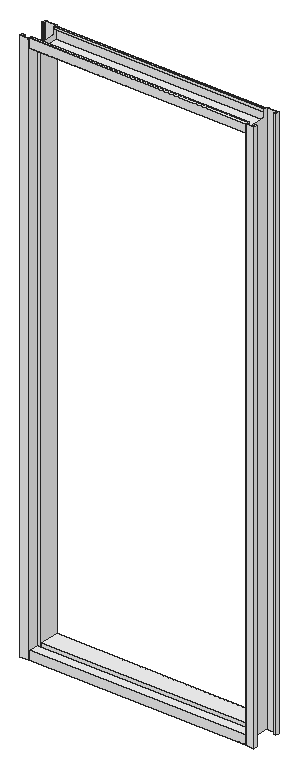
Revit family "32_Berkvens_Avento RZ 201", category Doors, host Wall, Revit 2019
Family settings
  Host = Wall
  OmniClass Number = 23.30.10.00
  OmniClass Title = Doors
  Always vertical = Yes
  Cut with Voids When Loaded = No
  Shared = No
  Room Calculation Point = No
Parameters (values of type "1000X2315")
  X2 [instance] = [60_59 Afwerkvloerdikte] + 10 mm  # 10 mm
  X1 [instance] = Glas
  Versie = "1.0"  # constant formula
  URL = "www.berkvens.nl"
  SmokeStop = no
  SelfClosing = no
  S2 [instance] = if([60_43 Extra tussenstijl], 0 mm, 1000 mm)  # 1000 mm
  S1 [instance] = 400 mm  # constant formula
  Model = "Avento RZ"  # constant formula
  Manufacturer = "Berkvens"  # constant formula
  M6 = Berkvens_gebroken wit
  M5 = Berkvens_kristalwit
  M4 = Berkvens_reinwit
  M3 = Berkvens_reinwit
  M2 = Berkvens_kristalwit
  M1 = Berkvens <maak keuze>
  IsExternal = no
  Function = Interior
  Height = 0 mm
  Wall Closure = By host
  Width = 0 mm
  FireRating = ""
  FireExit = no
  Compartmentation = no
  Assembly Code = "32.31"
  Analytic Construction = "<None>"
  90_90 Sparingsnummer [instance] = ""
  80_75 Deurhoogte = 2315 mm
  80_60 Kantuitvoering = "stomp"  # constant formula
  80_54 Brandwerendheid [instance] = Brandwerendheid : niet brandwerend
  80_53 Geluidwerendheid [instance] = Geluidwerendheid : niet geluidwerend
  60_84 Type kozijn = "Avento stalen montagekozijn 1,5 mm"  # constant formula
  60_81 Uitvoering kozijn = "Glaspui zonder bovenlicht"  # constant formula
  60_78 Snoerprofiel [instance] = Snoerprofiel : zonder snoerprofiel
  60_72 Kozijnkleur [instance] = Berkvens <maak keuze>
  60_69 Wanddikte [instance] = 100 mm
  60_66 Ruimte onder de deur [instance] = 22 mm
  60_63 Vloerplafondhoogte = 0 mm
  60_61 Max deurhoogte igv verdiepingshoog [instance] = [60_63 Vloerplafondhoogte] - [60_66 Ruimte onder de deur] - 59 mm  # -81 mm
  60_60 Stijllengte [instance] = [80_75 Deurhoogte] + [60_66 Ruimte onder de deur] + 39 mm  # 2376 mm
  60_59 Afwerkvloerdikte [instance] = 0 mm
  60_51 Sparingsmaat = [60_48 Totale breedte] - 30 mm  # 970 mm
  60_48 Totale breedte = 1000 mm
  60_45 Model kozijn = "RZ glaspui"  # constant formula
  60_43 Extra tussenstijl [instance] = no
  60_42 Extra tussenkalf [instance] = no
  60_24 Opmerking kozijn [instance] = ""
Types (3, lengths in mm): name | SmokeStop | SelfClosing | S2 | IsExternal | FireExit | Compartmentation | Assembly Code | 60_78 Snoerprofiel | 60_66 Ruimte onder de deur | 60_63 Vloerplafondhoogte | 60_61 Max deurhoogte igv verdiepingshoog | 60_60 Stijllengte | 60_51 Sparingsmaat | 60_48 Totale breedte | 60_43 Extra tussenstijl | 60_42 Extra tussenkalf
  1000X2315 | no | no | 1000 | no | no | no | "32.31" | Snoerprofiel : zonder snoerprofiel | 22 | 0 | -81 | 2376 | 970 | 1000 | no | no
  880x2315 | yes | yes | 0 | yes | yes | yes | 0 | Geluidwerendheid : niet geluidwerend | 28 | 2650 | 2563 | 2382 | 925 | 955 | yes | yes
  730x2315 | yes | yes | 0 | yes | yes | yes | 0 | Geluidwerendheid : niet geluidwerend | 28 | 2650 | 2563 | 2382 | 925 | 955 | yes | yes
Reference planes
  plane 1: y = 0
  plane 2 "Center (Left/Right)": x = 0
  plane 3 "Left": x = -485
  plane 4 "Right": x = 485
  plane 5 "BK Sparing": z = 2361
  plane 6 "Exterior": y = 50
  plane 7 "Interior": y = -50
  plane 8 "ROD": z = 22
  plane 9 "BK deur": z = 2337
  plane 10 "BK Kozijn": z = 2376
  plane 11 "Krukgathoogte": z = 1072
  plane 12: z = 1168.5
  plane 13 "Hartlijn paneel": y = -23.875
  plane 14 "OK sparing afwerkvloer": z = 0
  plane 15: z = 0
  plane 16: z = 10
  plane 17: z = 2087
  plane 18: z = 1847
  plane 19: z = 272
  plane 20: x = -470.5
  plane 21: z = 550
  plane 22: y = -1100
  plane 23: y = -35
Forms (mm)
  Extrusion 1, void
    sketch origin (0, -50, 0) x (1, 0, 0) y (0, 0, 1)
      loop
        line (485, 2361) -> (-485, 2361) -> (-485, 0) -> (485, 0) -> (485, 2361)
    from 0 to -100
  Sweep 2, solid, material "Berkvens <maak keuze>" <- "60_72 Kozijnkleur"
    path origin (0, -50, 0) x (-1, 0, 0) y (0, 0, -1)
      loop
        line (-485, 0) -> (-485, -2376)
    profile origin (485, -50, 1188) x (-1, 0, 0) y (0, -1, 0)
      loop
        line (-15, 0) -> (-6, 0) -> (-6, 0.8) -> (-14.2, 0.8) -> (-14.2, 14.2) -> (20.7, 14.2) -> (20.7, -30.8) -> (35.7, -30.8) -> (35.7, -114.2) -> (-14.2, -114.2) -> (-14.2, -100.8) -> (-6, -100.8) -> (-6, -100) -> (-15, -100) -> (-15, -115) -> (36.5, -115) -> (36.5, -30) -> (21.5, -30) -> (21.5, 15) -> (-15, 15) -> (-15, 0)
  Sweep 3, void
    path origin (0, -50, 0) x (1, 0, 0) y (0, 0, 1)
      loop
        line (485, 0) -> (485, 2376)
    profile origin (485, -50, 1188) x (-1, 0, 0) y (0, -1, 0)
      loop
        line (0, -115) -> (36.5, -115) -> (36.5, -30) -> (21.5, -30) -> (21.5, 15) -> (0, 15) -> (0, -115)
  Sweep 4, void
    path origin (0, -50, 0) x (-1, 0, 0) y (0, 0, -1)
      loop
        line (485, -22) -> (485, -2376)
    profile origin (-485, -50, 1199) x (-1, 0, 0) y (0, -1, 0)
      loop
        line (0, -115) -> (0, 15) -> (-21.5, 15) -> (-21.5, -30) -> (-36.5, -30) -> (-36.5, -115) -> (0, -115)
  Sweep 5, void
    path origin (0, -50, 0) x (1, 0, 0) y (0, 0, 1)
      loop
        line (-485, 0) -> (-485, 2376)
    profile origin (-485, -50, 1188) x (-1, 0, 0) y (0, -1, 0)
      loop
        line (-36.5, -115) -> (0, -115) -> (0, 15) -> (-21.5, 15) -> (-21.5, -30) -> (-36.5, -30) -> (-36.5, -115)
  Sweep 6, solid, material "Berkvens <maak keuze>" <- "60_72 Kozijnkleur", visible <- "60_43 Extra tussenstijl"
    path origin (0, -50, 0) x (1, 0, 0) y (0, 0, 1)
      loop
        line (0, 2376) -> (0, 0)
    profile origin (0, -50, 1188) x (0, -1, 0) y (1, 0, 0)
      loop
        line (-115, 33.25) -> (-115, -33.25) -> (-30, -33.25) -> (-30, -18.25) -> (15, -18.25) -> (15, 18.25) -> (-30, 18.25) -> (-30, 33.25) -> (-115, 33.25)
      loop
        line (-114.2, 32.45) -> (-114.2, -32.45) -> (-30.8, -32.45) -> (-30.8, -17.45) -> (14.2, -17.45) -> (14.2, 17.45) -> (-30.8, 17.45) -> (-30.8, 32.45) -> (-114.2, 32.45)
  Sweep 7, void
    path origin (-563.478, -35, 1200) x (-1, 0, 0) y (0, 0, 1)
      loop
        line (-563.478, 1176) -> (-563.478, -1200)
    profile "Tussenstijl sparing : Tussenstijl sparing" origin (0, -35, 1188) x (-1, 0, 0) y (0, 1, 0)
      loop
        line (33.25, 1415) -> (-33.25, 1415) -> (-33.25, 1015) -> (-18.25, 1015) -> (-18.25, 970) -> (18.25, 970) -> (18.25, 1015) -> (33.25, 1015) -> (33.25, 1415)
  Sweep 8, solid, material "Berkvens <maak keuze>" <- "60_72 Kozijnkleur", visible <- "60_42 Extra tussenkalf"
    path origin (0, -50, 0) x (1, 0, 0) y (0, 0, 1)
      loop
        line (-485, 550) -> (485, 550)
    profile "Tussenkalf Profiel Avento : Tussenkalf Profiel Avento" origin (0, -50, 550) x (0, 0, 1) y (0, -1, 0)
      loop
        line (-35, 10.5) -> (-35, 5.6) -> (-24, 5.6) -> (-24, -12.4) -> (-33.5, -12.4) -> (-33.5, -20.9) -> (-24, -20.9) -> (-24, -32.4) -> (-33.5, -32.4) -> (-33.5, -66.4) -> (-35, -66.4) -> (-35, -73) -> (13.5, -73) -> (13.5, -32.5) -> (-1.5, -32.5) -> (-1.5, 10.5) -> (-35, 10.5)
      loop
        line (0, 12) -> (-36.5, 12) -> (-36.5, 0) -> (-35, 0) -> (-35, 4.1) -> (-25.5, 4.1) -> (-25.5, -10.9) -> (-35, -10.9) -> (-35, -22.4) -> (-25.5, -22.4) -> (-25.5, -30.9) -> (-35, -30.9) -> (-35, -62.5) -> (-36.5, -62.5) -> (-36.5, -74.5) -> (15, -74.5) -> (15, -31) -> (0, -31) -> (0, 12)
  Sweep 9, solid, material "Berkvens <maak keuze>" <- "60_72 Kozijnkleur"
    path origin (0, -50, 0) x (1, 0, 0) y (0, 0, 1)
      loop
        line (-485, 0) -> (-485, 2376)
    profile origin (-485, -50, 1188) x (-1, 0, 0) y (0, -1, 0)
      loop
        line (15, 0) -> (15, 15) -> (-21.5, 15) -> (-21.5, -30) -> (-36.5, -30) -> (-36.5, -115) -> (15, -115) -> (15, -100) -> (6, -100) -> (6, -100.8) -> (14.2, -100.8) -> (14.2, -114.2) -> (-35.7, -114.2) -> (-35.7, -30.8) -> (-20.7, -30.8) -> (-20.7, 14.2) -> (14.2, 14.2) -> (14.2, 0.8) -> (6, 0.8) -> (6, 0) -> (15, 0)
  Sweep 10, solid, material "Berkvens <maak keuze>" <- "60_72 Kozijnkleur"
    path origin (0, -50, 0) x (1, 0, 0) y (0, 0, 1)
      loop
        line (-485, 0) -> (485, 0)
    profile origin (0, -50, 0) x (0, 0, 1) y (0, -1, 0)
      loop
        line (0, -112.2) -> (51.5, -112.2) -> (51.5, -30) -> (36.5, -30) -> (36.5, 12) -> (0, 12) -> (0, 0) -> (9, 0) -> (9, 0.8) -> (0.8, 0.8) -> (0.8, 11.2) -> (35.672, 11.2) -> (35.672, -30.8) -> (50.7, -30.8) -> (50.7, -111.4) -> (0.8, -111.4) -> (0.8, -100.8) -> (9, -100.8) -> (9, -100) -> (0, -100) -> (0, -112.2)
  Sweep 11, solid, material "Berkvens <maak keuze>" <- "60_72 Kozijnkleur"
    path origin (0, -50, 0) x (1, 0, 0) y (0, 0, 1)
      loop
        line (-485, 2376) -> (485, 2376)
    profile origin (0, -50, 2376) x (0, 0, 1) y (0, -1, 0)
      loop
        line (0, -112.2) -> (0, -100) -> (-9, -100) -> (-9, -100.8) -> (-0.8, -100.8) -> (-0.8, -111.4) -> (-50.7, -111.4) -> (-50.7, -30.8) -> (-35.672, -30.8) -> (-35.672, 11.2) -> (-0.8, 11.2) -> (-0.8, 0.8) -> (-9, 0.8) -> (-9, 0) -> (0, 0) -> (0, 12) -> (-36.5, 12) -> (-36.5, -30) -> (-51.5, -30) -> (-51.5, -112.2) -> (0, -112.2)
  Sweep 12, void
    path origin (0, -50, 0) x (1, 0, 0) y (0, 0, 1)
      loop
        line (-485, 2376) -> (485, 2376)
    profile origin (0, -50, 2376) x (0, 0, 1) y (0, -1, 0)
      loop
        line (0, -100) -> (0, 0) -> (-32, 0) -> (-32, -100) -> (0, -100)
Cuts and joins
  Sweep 4, Sweep 12 cuts Sweep 2
  Sweep 3, Sweep 5, Sweep 7 cuts Sweep 8
  Sweep 3, Sweep 5, Sweep 7 cuts Sweep 10
  Sweep 3, Sweep 4, Sweep 7 cuts Sweep 11
  Sweep 12 cuts Sweep 9
  Sweep 12 cuts Sweep 6
Text (mm)
  text "Buitenzijde" at (-2295.016, 1099.543, 0), in view "Ref. Level"
  text "Buitenzijde" at (0, 1615.38, 3698.081), in view "Links"
  text "Buitenzijde" at (0, 1036.032, 3874.932), in view "Rechts"
Dimensions and locks
  equal spacing: plane 3 "Left", plane 2 "Center (Left/Right)", plane 4 "Right"
  "60_51 Sparingsmaat": plane 3 "Left" to plane 4 "Right"
  locked: plane 6 "Exterior" to host wall at 0
  locked: plane 7 "Interior" to host wall
  "60_69 Wanddikte": plane 7 "Interior" to plane 6 "Exterior"
  Sweep 2 sketch curve to Sweep 2 sketch curve to Sweep 2 sketch curve to Sweep 2 sketch curve = 0.8 mm locked, 13.4 mm locked, 0.8 mm locked
  "60_66 Ruimte onder de deur": level to plane 8 "ROD"
  "80_75 Deurhoogte": plane 8 "ROD" to plane 9 "BK deur"
  plane 11 "Krukgathoogte" to plane 8 "ROD" = 1050 mm
  equal spacing: plane 9 "BK deur", plane 12, level
  locked: plane 16 to level at 10
  "X2": plane 16 to plane 14 "OK sparing afwerkvloer"
  plane 9 "BK deur" to plane 17 to plane 18 = 250 mm locked, 240 mm locked
  locked: plane 19 to plane 8 "ROD" at 250
  Sweep 2 sketch curve to Sweep 2 sketch curve to plane 7 "Interior" = 0.8 mm locked, 14.2 mm locked
  locked: plane 10 "BK Kozijn" to plane 5 "BK Sparing" at 15
  locked: plane 10 "BK Kozijn" to plane 9 "BK deur" at 39
  plane 21 to level = 550 mm
  Sweep 6 sketch curve to Sweep 6 sketch curve to plane 7 "Interior" = 0.8 mm locked, 14.2 mm locked
  plane 6 "Exterior" to Sweep 6 sketch curve to Sweep 6 sketch curve = 14.2 mm locked, 0.8 mm locked
  locked: plane 7 "Interior" to plane 23 at 15
  Sweep 9 sketch curve to Sweep 9 sketch curve to Sweep 9 sketch curve to Sweep 9 sketch curve = 0.8 mm locked, 13.4 mm locked, 0.8 mm locked
  locked: Sweep 9 sketch curve to Sweep 9 sketch curve at 0.8
  locked: Sweep 10 sketch curve to plane 6 "Exterior" at 12.2
  locked: plane 7 "Interior" to Sweep 10 sketch curve at 12
  Sweep 11 sketch curve to Sweep 11 sketch curve to Sweep 11 sketch curve to Sweep 11 sketch curve = 0.8 mm locked, 10.6 mm locked, 0.8 mm locked
  locked: plane 10 "BK Kozijn" to Sweep 12 sketch curve at 32
  aligned and locked: plane 1 to host wall
  aligned and locked: host wall to Extrusion 1
  aligned and locked: Sweep 3 sketch curve to plane 4 "Right"
  aligned and locked: plane 10 "BK Kozijn" to Sweep 3 sketch curve
  aligned and locked: Sweep 2 to Sweep 3 sketch curve
  aligned and locked: Sweep 3 sketch curve to Sweep 2  (x4)
  aligned and locked: profile plane to Sweep 3 sketch curve
  aligned and locked: profile plane to Sweep 4 sketch curve
  aligned and locked: Sweep 5 sketch curve to plane 3 "Left"
  aligned and locked: plane 10 "BK Kozijn" to Sweep 5 sketch curve
  aligned and locked: profile plane to Sweep 5 sketch curve
  aligned and locked: plane 10 "BK Kozijn" to Sweep 2 sketch curve
  aligned and locked: plane 10 "BK Kozijn" to Sweep 4 sketch curve
  aligned and locked: Sweep 2 sketch curve to plane 6 "Exterior"
  aligned and locked: Extrusion 1 sketch curve to level
  aligned and locked: plane 2 "Center (Left/Right)" to nested 1
  aligned and locked: host wall to nested 1
  aligned and locked: Sweep 6 sketch curve to plane 2 "Center (Left/Right)"
  aligned and locked: plane 10 "BK Kozijn" to Sweep 6 sketch curve
  aligned and locked: level to Sweep 6 sketch curve
  aligned and locked: Sweep 8 sketch curve to plane 21
  aligned and locked: plane 3 "Left" to Sweep 8 sketch curve
  aligned and locked: plane 4 "Right" to Sweep 8 sketch curve
  aligned and locked: level to Sweep 3 sketch curve
  aligned and locked: level to Sweep 5 sketch curve
  aligned and locked: Sweep 5 sketch curve to Sweep 9  (x3)
  aligned and locked: Sweep 9 to Sweep 5 sketch curve
  aligned and locked: Sweep 4 sketch curve to Sweep 9  (x2)
  aligned and locked: Sweep 10 sketch curve to level
  aligned and locked: Sweep 10 sketch curve to plane 6 "Exterior"
  aligned and locked: Sweep 11 sketch curve to plane 10 "BK Kozijn"
  aligned and locked: plane 6 "Exterior" to Sweep 9 sketch curve
  aligned and locked: plane 6 "Exterior" to Sweep 11 sketch curve
  aligned and locked: Sweep 4 sketch curve to cut or joined group of Sweep 3, Sweep 5, Sweep 7, Sweep 8  (x2)
  aligned and locked: Sweep 12 sketch curve to plane 6 "Exterior"
  aligned and locked: Sweep 12 sketch curve to plane 7 "Interior"
  aligned and locked: plane 10 "BK Kozijn" to Sweep 12 sketch curve
Automatic sketch dimensions
  plane 3 "Left" to Extrusion 1 sketch curve = 0 mm
  plane 4 "Right" to Extrusion 1 sketch curve = 0 mm
  Extrusion 1 sketch curve to plane 5 "BK Sparing" = 0 mm
  plane 4 "Right" to Sweep 2 sketch curve = 0 mm
  Sweep 2 sketch curve to level = 0 mm
  plane 7 "Interior" to Sweep 2 sketch curve = 0 mm
  profile plane to Sweep 2 sketch curve = 15 mm  (x2)
  Sweep 2 sketch curve to plane 7 "Interior" = 30.8 mm
  Sweep 2 sketch curve to Sweep 2 sketch curve = 0.8 mm  (x5)
  Sweep 2 sketch curve to Sweep 2 sketch curve = 8.2 mm  (x2)
  Sweep 2 sketch curve to profile plane = 20.7 mm
  Sweep 2 sketch curve to profile plane = 35.7 mm
  plane 7 "Interior" to Sweep 2 sketch curve = 0.8 mm
  plane 3 "Left" to Sweep 4 sketch curve = 0 mm
  Sweep 4 sketch curve to plane 8 "ROD" = 0 mm
  Sweep 6 sketch curve to plane 7 "Interior" = 30.8 mm  (x2)
  profile plane to Sweep 6 sketch curve = 33.25 mm
  Sweep 6 sketch curve to Sweep 6 sketch curve = 0.8 mm  (x6)
  profile plane to Sweep 6 sketch curve = 18.25 mm
  Sweep 6 sketch curve to profile plane = 17.45 mm
  Sweep 6 sketch curve to profile plane = 32.45 mm
  Sweep 7 sketch curve to level = 0 mm
  Sweep 7 sketch curve to plane 2 "Center (Left/Right)" = 0 mm
  Sweep 7 sketch curve to plane 10 "BK Kozijn" = 0 mm
  plane 3 "Left" to Sweep 9 sketch curve = 0 mm
  Sweep 9 sketch curve to level = 0 mm
  Sweep 9 sketch curve to plane 10 "BK Kozijn" = 0 mm
  plane 7 "Interior" to Sweep 9 sketch curve = 0 mm
  profile plane to Sweep 9 sketch curve = 36.5 mm
  Sweep 9 sketch curve to profile plane = 15 mm
  Sweep 9 sketch curve to Sweep 9 sketch curve = 0.8 mm  (x5)
  Sweep 9 sketch curve to Sweep 9 sketch curve = 14.2 mm
  Sweep 9 sketch curve to profile plane = 6 mm  (x2)
  plane 7 "Interior" to Sweep 9 sketch curve = 0.8 mm
  Sweep 9 sketch curve to Sweep 9 sketch curve = 8.2 mm
  Sweep 9 sketch curve to plane 7 "Interior" = 30.8 mm
  Sweep 9 sketch curve to Sweep 9 sketch curve = 13.4 mm
  plane 3 "Left" to Sweep 10 sketch curve = 0 mm
  plane 4 "Right" to Sweep 10 sketch curve = 0 mm
  Sweep 10 sketch curve to plane 7 "Interior" = 0 mm
  Sweep 10 sketch curve to Sweep 10 sketch curve = 0.8 mm  (x7)
  Sweep 10 sketch curve to Sweep 10 sketch curve = 15 mm
  Sweep 10 sketch curve to Sweep 10 sketch curve = 0.828 mm
  Sweep 10 sketch curve to Sweep 10 sketch curve = 41.7 mm
  plane 7 "Interior" to Sweep 10 sketch curve = 0.8 mm
  Sweep 10 sketch curve to Sweep 10 sketch curve = 26.672 mm
  Sweep 10 sketch curve to Sweep 10 sketch curve = 8.2 mm  (x2)
  Sweep 10 sketch curve to plane 7 "Interior" = 30.8 mm
  Sweep 10 sketch curve to profile plane = 0 mm
  plane 3 "Left" to Sweep 11 sketch curve = 0 mm
  plane 4 "Right" to Sweep 11 sketch curve = 0 mm
  Sweep 11 sketch curve to plane 7 "Interior" = 0 mm
  profile plane to Sweep 11 sketch curve = 0 mm  (x2)
  profile plane to Sweep 11 sketch curve = 0.8 mm  (x2)
  Sweep 11 sketch curve to Sweep 11 sketch curve = 8.2 mm  (x2)
  plane 7 "Interior" to Sweep 11 sketch curve = 0.8 mm
  plane 7 "Interior" to Sweep 11 sketch curve = 11.2 mm
  Sweep 11 sketch curve to Sweep 11 sketch curve = 26.672 mm
  Sweep 11 sketch curve to Sweep 11 sketch curve = 0.828 mm
  Sweep 11 sketch curve to Sweep 11 sketch curve = 41.7 mm
  Sweep 11 sketch curve to Sweep 11 sketch curve = 0.8 mm  (x3)
  Sweep 11 sketch curve to plane 7 "Interior" = 30.8 mm
  plane 7 "Interior" to Sweep 5 sketch curve = 15 mm
  plane 7 "Interior" to Sweep 4 sketch curve = 15 mm
  plane 3 "Left" to Sweep 12 sketch curve = 0 mm
  plane 4 "Right" to Sweep 12 sketch curve = 0 mm
  Sweep 12 sketch curve to plane 10 "BK Kozijn" = 0 mm
Nested families
  nested 1: "Brandwerendheid" at (0, 0, 0), type <- "80_54 Brandwerendheid", type "niet brandwerend"
Definition of nested family "Brandwerendheid"
  Parameters
    Symbool Brandwerendheid = yes
    30min = no
    20min = yes
  Reference planes
    plane 1 "Center (Front/Back)": y = 0
    plane 2: z = 0
    plane 3 "Center (Left/Right)": x = 0
    plane 4: y = 150
    plane 5: y = -150
    plane 6: x = 49.991
  Lines and regions (mm)
    symbolic lines, visible <- "Symbool Brandwerendheid"
      curve 1: line (-42.436, 257.574, 0) -> (42.417, 342.426, 0)
      curve 2: line (42.417, 257.574, 0) -> (-42.436, 342.426, 0)
      curve 3: line (-42.436, -257.574, 0) -> (42.417, -342.426, 0)
      curve 4: line (42.417, -257.574, 0) -> (-42.436, -342.426, 0)
      curve 5: line (-0.009, 300, 0) -> (-0.009, -300, 0)
  Dimensions and locks
    aligned and locked: level to plane 2
